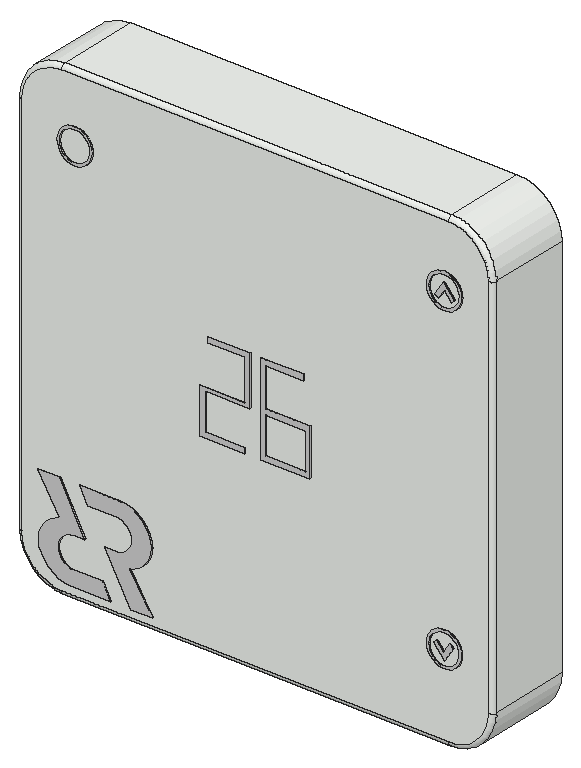
Revit family "РИДАН_Электронный комнатный термостат RSmart-FW", category Оборудование, Revit 2019
Family settings
  Размер круглого соединителя = Использовать диаметр
  Классификация = Нет
  Тип детали = Нормальный
  На основе рабочей плоскости = Да
  Всегда вертикально = Да
  При загрузке вырезать с полостями = Нет
  Общий = Нет
  Точка расчета площади = Нет
Parameters
  Default Elevation = 1219.2 mm
  Контакты_Производитель = "info@ridan.ru"  # constant formula
  Датчик пола FS-R [instance] = yes
  ADSK_Полная мощность = 1 VA  # constant formula
  ADSK_Напряжение = 24 V  # constant formula
  ADSK_Наименование = "Комнатный сенсорный термостат RSmart-FW с Wi-Fi подключением 230V, встраиваемый, белый "  # constant formula
  ADSK_Масса_Текст = ""
  ADSK_Масса = 0
  ADSK_Марка = "RSmart-FW"  # constant formula
  ADSK_Коэффициент мощности = 1  # constant formula
  ADSK_Количество = 1  # constant formula
  ADSK_Код изделия = "088L1142R"  # constant formula
  ADSK_Классификация нагрузок = Прочее
  ADSK_Завод-изготовитель = "ООО «Ридан-Трейд»"  # constant formula
  ADSK_Единица измерения = "шт."
  ADSK_Версия семейства = "1.0"  # constant formula
  ADSK_Версия Revit = "2019"  # constant formula
Reference planes
  plane 1 "По центру (Вперед/Назад)": y = 0
  plane 2: z = 0
  plane 3 "По центру (Влево/Вправо)": x = 0
Forms (mm)
  Extrusion 1, solid, material "RSmart_Белый", detail levels fine
    sketch origin (0, 0, 0) x (1, 0, 0) y (0, 0, 1)
      loop
        arc (-35, 43) -> (-40.657, 40.657) -> (-43, 35) r 8
        line (-43, 35) -> (-43, -35)
        arc (-43, -35) -> (-40.657, -40.657) -> (-35, -43) r 8
        line (-35, -43) -> (35, -43)
        arc (35, -43) -> (40.657, -40.657) -> (43, -35) r 8
        line (43, -35) -> (43, 35)
        arc (43, 35) -> (40.657, 40.657) -> (35, 43) r 8
        line (35, 43) -> (-35, 43)
    from 0 to 15.5
  Extrusion 2, solid, material "RSmart_Серый", detail levels fine
    sketch origin (1.948, 0, -3.888) x (1, 0, 0) y (0, 0, 1)
      loop
        line (-10.495, 12.198) -> (-10.495, 11.198) -> (-3.814, 11.198) -> (-3.814, 3.888) -> (-11.918, 3.888) -> (-11.918, -4.421) -> (-3.814, -4.421) -> (-3.814, -3.421) -> (-10.918, -3.421) -> (-10.918, 3.239) -> (-2.814, 3.239) -> (-2.814, 12.198) -> (-10.495, 12.198)
      loop
        line (6.813, 11.198) -> (6.813, 12.198) -> (-0.941, 12.198) -> (-0.941, -4.421) -> (8.023, -4.421) -> (8.023, 4.239) -> (0, 4.239) -> (0, 11.198) -> (6.813, 11.198)
      loop
        line (0, 3.239) -> (0, -3.421) -> (7.311, -3.421) -> (7.311, 3.239) -> (0, 3.239)
    from 14.6 to 15.6
  Extrusion 3, solid, material "RSmart_Серый", detail levels fine
    sketch origin (49.089, 0, 45.248) x (1, 0, 0) y (0, 0, 1)
      loop
        circle (-14.81, -14.48) r 2.736
      loop
        circle (-14.81, -14.48) r 3.184
      loop
        line (-15.84, -15.991) -> (-14.792, -14.376) -> (-13.527, -15.884) -> (-12.914, -15.369) -> (-14.874, -13.034) -> (-16.511, -15.555) -> (-15.84, -15.991)
    from 14.6 to 15.6
  Extrusion 4, solid, material "RSmart_Серый", detail levels fine
    sketch origin (19.058, 0, -12.834) x (1, 0, 0) y (0, 0, 1)
      loop
        circle (15.19, -14.48) r 2.736
      loop
        circle (15.19, -14.48) r 3.184
      loop
        line (16.206, -13.338) -> (15.157, -14.952) -> (13.892, -13.445) -> (13.28, -13.959) -> (15.24, -16.295) -> (16.877, -13.774) -> (16.206, -13.338)
    from 14.6 to 15.6
  Extrusion 5, solid, material "RSmart_Серый", detail levels fine
    sketch origin (-17.794, 0, 45.248) x (1, 0, 0) y (0, 0, 1)
      loop
        circle (-14.81, -14.48) r 2.736
      loop
        circle (-14.81, -14.48) r 3.184
    from 14.6 to 15.6
  Extrusion 6, solid, material "RSmart_Серый", detail levels fine
    sketch origin (0.059, 0, -0.038) x (1, 0, 0) y (0, 0, 1)
      loop
        line (-35.36, -23.845) -> (-39.325, -23.845) -> (-35.297, -30.408)
        arc (-35.297, -30.408) -> (-38.077, -32.087) -> (-39.269, -35.107) r 5.072
        arc (-39.269, -35.107) -> (-37.424, -39.128) -> (-33.33, -40.805) r 6.025
        line (-33.33, -40.805) -> (-26.175, -40.805) -> (-27.688, -38.011) -> (-32.842, -38.011)
        arc (-32.842, -38.011) -> (-34.809, -37.091) -> (-35.617, -35.075) r 2.958
        arc (-35.617, -35.075) -> (-34.745, -33.164) -> (-32.819, -32.329) r 2.928
        line (-32.819, -32.329) -> (-30.767, -32.326) -> (-35.36, -23.845)
      loop
        line (-30.282, -26.639) -> (-25.121, -26.639)
        arc (-25.121, -26.639) -> (-23.153, -27.559) -> (-22.345, -29.576) r 2.957
        arc (-22.345, -29.576) -> (-23.217, -31.486) -> (-25.144, -32.32) r 2.927
        line (-25.144, -32.32) -> (-27.176, -32.32) -> (-22.537, -40.805) -> (-18.638, -40.805) -> (-22.667, -34.242)
        arc (-22.667, -34.242) -> (-19.887, -32.563) -> (-18.694, -29.542) r 5.074
        arc (-18.694, -29.542) -> (-20.539, -25.522) -> (-24.632, -23.845) r 6.025
        line (-24.632, -23.845) -> (-31.809, -23.845) -> (-30.282, -26.639)
    from 14.6 to 15.6
  Sweep 7, void
    path in 3D
      loop
        arc (-35, -15.5, 43) -> (-40.657, -15.5, 40.657) -> (-43, -15.5, 35) r 8
        line (-43, -15.5, 35) -> (-43, -15.5, -35)
        arc (-43, -15.5, -35) -> (-40.657, -15.5, -40.657) -> (-35, -15.5, -43) r 8
        line (-35, -15.5, -43) -> (35, -15.5, -43)
        arc (35, -15.5, -43) -> (40.657, -15.5, -40.657) -> (43, -15.5, -35) r 8
        line (43, -15.5, -35) -> (43, -15.5, 35)
        arc (43, -15.5, 35) -> (40.657, -15.5, 40.657) -> (35, -15.5, 43) r 8
        line (35, -15.5, 43) -> (-35, -15.5, 43)
    profile origin (0, -15.5, 43) x (0, -1, 0) y (0, 0, 1)
      loop
        line (0, 0) -> (-0.794, 0)
        arc (-0.794, 0) -> (-0.233, -0.233) -> (0, -0.794) r 0.794
        line (0, -0.794) -> (0, 0)
Cuts and joins
  Sweep 7 cuts Extrusion 1
Lines and regions (mm)
  sketch lines
    curve 1: line (35, -15.5, 43) -> (-35, -15.5, 43)
    curve 2: arc (35, -15.5, 43) -> (40.657, -15.5, 40.657) -> (43, -15.5, 35) r 8
    curve 3: line (43, -15.5, -35) -> (43, -15.5, 35)
    curve 4: arc (43, -15.5, -35) -> (40.657, -15.5, -40.657) -> (35, -15.5, -43) r 8
    curve 5: line (-35, -15.5, -43) -> (35, -15.5, -43)
    curve 6: arc (-35, -15.5, -43) -> (-40.657, -15.5, -40.657) -> (-43, -15.5, -35) r 8
    curve 7: line (-43, -15.5, 35) -> (-43, -15.5, -35)
    curve 8: arc (-43, -15.5, 35) -> (-40.657, -15.5, 40.657) -> (-35, -15.5, 43) r 8
Dimensions and locks
  aligned and locked: level to plane 2
Nested families
  nested 1: "Влж_FS-R" at (0, -6.654, 0), visible <- "Датчик пола FS-R", type "Влж_FS-R", detail levels fine
    with Видимость yes
Connectors
  electrical at (0, 0, 0), driven by "ADSK_Напряжение", driven by "ADSK_Полная мощность", driven by "ADSK_Коэффициент мощности"
    settings: index 1, voltage 24 V, apparent load 1 VA, apparent load phase1 0 VA, apparent load phase2 0 VA, apparent load phase3 0 VA, power factor 1, load classification "Прочее", number of poles 1, system type 30, power factor state 1, is connector primary yes, connector utility no, sub classification motor no, connector description ""
Definition of nested family "Влж_FS-R"
  Parameters (values of type "Влж_FS-R")
    Контакты_Производитель = "info@ridan.ru"  # constant formula
    Видимость [instance] = yes
    ADSK_Наименование = "Датчик температуры пола FS-R, 3 метра, IP54"  # constant formula
    ADSK_Масса_Текст = ""
    ADSK_Масса = 0
    ADSK_Марка = "FS-R"  # constant formula
    ADSK_Количество = 1  # constant formula
    ADSK_Код изделия = "088U0610R"  # constant formula
    ADSK_Завод-изготовитель = "ООО «Ридан-Трейд»"  # constant formula
    ADSK_Единица измерения = "шт."
    ADSK_Версия семейства = "1.0"  # constant formula
    ADSK_Версия Revit = "2019"  # constant formula
  Reference planes
    plane 1 "По центру (Вперед/Назад)": y = 0
    plane 2: z = 0
    plane 3 "По центру (Влево/Вправо)": x = 0
  Forms (mm)
    Extrusion 1, solid, visible <- "Видимость"
      sketch origin (0, 0, 0) x (1, 0, 0) y (0, 1, 0)
        loop
          circle (0, 0) r 0.82
      from 0 to 1
  Dimensions and locks
    aligned and locked: level to plane 2
